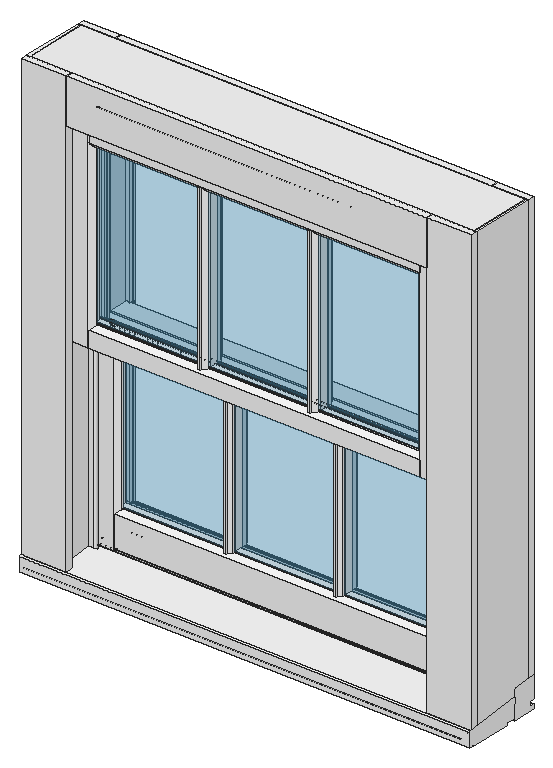
Revit family "B1-33V", category Generic Models, Revit 2012
Parameters (values of type "Window Sill drawing")
  Width = 1003 mm
  Height = 1024 mm
  GlazingPanelMaterial = Glass
  Floor Material = White
Reference planes
  plane 1 "Center (Front/Back)": y = 0
  plane 2: z = 0
  plane 3 "Center (Left/Right)": x = 72
  plane 4: z = 1023.04
  plane 5: x = -800
  plane 6: y = -21.25
  plane 7: y = 152.75
  plane 8: x = -669
  plane 9: y = -21.25
  plane 10: z = 527.56
  plane 11: z = 483.56
  plane 12: z = 923.04
  plane 13: z = 937.04
  plane 14: z = 33
  plane 15: z = 941.04
  plane 16: z = 68
  plane 17: x = 203
  plane 18: x = -419.504
  plane 19: x = -174
  plane 20: z = -98.018
  plane 21: y = 110
  plane 22: y = 110
  plane 23: y = 110
  plane 24: x = 121
  plane 25: y = 110
  plane 26: y = 110
  plane 27: y = 110
Forms (mm)
  Extrusion 1, solid, material "White" <- "Floor Material"
    sketch origin (250, 0, 215.855) x (0, 1, 0) y (0, 0, 1)
      loop
        arc (117, 270.705) -> (122.657, 273.048) -> (125, 278.705) r 8
        line (125, 278.705) -> (128, 278.705) -> (128, 283.705) -> (109, 283.705) -> (109, 271.705) -> (112, 271.705) -> (113, 267.705) -> (117, 267.705) -> (117, 270.705)
      loop
        line (105, 279.705) -> (89, 279.705) -> (89, 269.705) -> (105, 269.705) -> (105, 279.705)
      loop
        line (60, 267.705) -> (60, 292.705) -> (54, 292.705) -> (54, 295.705) -> (12, 295.705) -> (12, 311.705) -> (10, 311.705) -> (0, 301.705) -> (0, 267.705) -> (30.175, 267.705) -> (60, 267.705)
      loop
        line (34, 309.705) -> (18, 309.705) -> (18, 299.705) -> (34, 299.705) -> (34, 309.705)
      loop
        arc (55.357, 295.326) -> (54.357, 294.326) -> (55.357, 293.326) r 1
        line (55.357, 293.326) -> (62.857, 293.326) -> (62.857, 297.295) -> (64.914, 294.483)
        arc (64.914, 294.483) -> (66.227, 294.584) -> (66.328, 295.897) r 1.012
        line (66.328, 295.897) -> (63.343, 299.979)
        arc (63.343, 299.979) -> (61.852, 300.503) -> (60.828, 299.301) r 1.396
        line (60.828, 299.301) -> (60.828, 295.326) -> (55.357, 295.326)
    from -917.922 to -179.078
  Extrusion 2, solid, material "White" <- "Floor Material"
    sketch origin (1015, 13.291, 163.049) x (0, 1, 0) y (0, 0, 1)
      loop
        line (69.709, 336.511) -> (96.209, 336.511) -> (96.209, 364.511) -> (50.709, 364.511) -> (50.709, 359.511) -> (52.709, 349.511) -> (57.709, 349.511) -> (57.709, 339.968) -> (63.93, 339.968) -> (63.93, 336.511) -> (57.709, 336.511) -> (57.709, 320.511) -> (69.709, 320.511) -> (69.709, 336.511)
      loop
        line (53.709, 320.511) -> (53.709, 325.511) -> (51.709, 335.511) -> (46.709, 335.511) -> (46.709, 320.511) -> (53.709, 320.511)
      loop
        line (46.709, 364.511) -> (28.709, 364.511) -> (27.709, 360.511) -> (24.709, 360.511) -> (24.709, 348.511) -> (46.709, 348.511) -> (46.709, 364.511)
      loop
        arc (62.634, 337.436) -> (63.634, 338.436) -> (62.634, 339.436) r 1
        line (62.634, 339.436) -> (55.134, 339.436) -> (55.134, 335.467) -> (53.078, 338.279)
        arc (53.078, 338.279) -> (51.765, 338.177) -> (51.663, 336.864) r 1.012
        line (51.663, 336.864) -> (54.649, 332.782)
        arc (54.649, 332.782) -> (56.139, 332.259) -> (57.164, 333.461) r 1.396
        line (57.164, 333.461) -> (57.164, 337.436) -> (62.634, 337.436)
    from -1684 to -938.078
  Extrusion 3, solid, material "White" <- "Floor Material"
    sketch origin (865, 123.171, 176.773) x (0, 1, 0) y (0, 0, 1)
      loop
        line (-14.171, 306.296) -> (-10.171, 306.787) -> (-11.171, 310.787) -> (-14.171, 310.787) -> (-14.171, 306.296)
      loop
        line (-38.171, 306.542) -> (-38.171, 309.542) -> (-40.171, 309.787) -> (-40.171, 306.787) -> (-38.171, 306.542)
      loop
        line (-85.171, 351.278) -> (-85.171, 346.787) -> (-82.171, 346.787) -> (-81.171, 350.787) -> (-85.171, 351.278)
      loop
        line (-111.171, 347.787) -> (-109.171, 348.033) -> (-109.171, 351.033) -> (-111.171, 350.787) -> (-111.171, 347.787)
    from -1534 to -1284.582
  Extrusion 4, solid, material "Glass" <- "GlazingPanelMaterial"
    sketch origin (150, 64.106, 220.533) x (0, 1, 0) y (0, 0, 1)
      loop
        line (44.88, -103.528) -> (44.88, 279.027) -> (40.88, 279.027) -> (40.88, -103.528) -> (44.88, -103.528)
      loop
        line (24.88, 279.027) -> (20.88, 279.027) -> (20.88, -103.528) -> (24.88, -103.528) -> (24.88, 279.027)
    from -819 to -78
  Extrusion 5, solid, material "White" <- "Floor Material"
    sketch origin (761.418, 125.498, 522.759) x (0, -0.121869, -0.992546) y (0, 0.992546, -0.121869)
      loop
        line (28.327, -57.65) -> (23.969, -54.354)
        arc (23.969, -54.354) -> (22.506, -54.612) -> (22.765, -56.075) r 1.05
        line (22.765, -56.075) -> (26.332, -58.837)
        arc (26.332, -58.837) -> (26.584, -59.776) -> (25.835, -60.396) r 0.9
        line (25.835, -60.396) -> (19.693, -61.15)
        arc (19.693, -61.15) -> (19.162, -61.383) -> (18.989, -61.936) r 0.7
        line (18.989, -61.936) -> (19.197, -63.633) -> (19.712, -64.398) -> (20.1, -67.562) -> (19.196, -66.76) -> (19.293, -67.554) -> (20.152, -68.225) -> (20.951, -68.183) -> (23.094, -67.324) -> (22.996, -66.53) -> (20.532, -66.978) -> (20.205, -64.315)
        arc (20.205, -64.315) -> (20.389, -63.651) -> (20.989, -63.312) r 0.9
        line (20.989, -63.312) -> (28.761, -62.358)
        arc (28.761, -62.358) -> (29.205, -62.1) -> (29.324, -61.601) r 0.65
        line (29.324, -61.601) -> (28.752, -58.33)
        arc (28.752, -58.33) -> (28.631, -57.932) -> (28.327, -57.65) r 0.798
    from -1430.418 to -1181
  Extrusion 6, solid, material "White" <- "Floor Material"
    sketch origin (911.418, 126.532, 523.994) x (0, -0.121869, -0.992546) y (0, 0.992546, -0.121869)
      loop
        arc (25.38, -55.148) -> (23.778, -55.428) -> (24.057, -57.03) r 1.15
        line (24.057, -57.03) -> (27.62, -59.789)
        arc (27.62, -59.789) -> (27.84, -60.623) -> (27.175, -61.172) r 0.8
        line (27.175, -61.172) -> (20.939, -61.931)
        arc (20.939, -61.931) -> (20.405, -62.232) -> (20.241, -62.823) r 0.8
        line (20.241, -62.823) -> (20.45, -64.52) -> (20.968, -65.312) -> (21.339, -68.337) -> (20.548, -67.635) -> (20.645, -68.429) -> (21.504, -69.1) -> (22.303, -69.058) -> (24.446, -68.2) -> (24.348, -67.406) -> (21.983, -67.835) -> (21.657, -65.178)
        arc (21.657, -65.178) -> (21.82, -64.588) -> (22.353, -64.287) r 0.8
        line (22.353, -64.287) -> (30.127, -63.332)
        arc (30.127, -63.332) -> (30.638, -63.034) -> (30.774, -62.459) r 0.75
        line (30.774, -62.459) -> (30.244, -59.424)
        arc (30.244, -59.424) -> (30.154, -58.918) -> (29.833, -58.516) r 1.042
        line (29.833, -58.516) -> (25.38, -55.148)
    from -1580.418 to -1331
  Extrusion 7, solid, material "White" <- "Floor Material"
    sketch origin (861.418, 121.497, 535.638) x (0, -0.121869, -0.992546) y (0, 0.992546, -0.121869)
      loop
        line (37.899, -55.316) -> (32.161, -55.997)
        arc (32.161, -55.997) -> (31.827, -56.184) -> (31.724, -56.554) r 0.5
        line (31.724, -56.554) -> (32.395, -62.021) -> (31.491, -61.219) -> (31.588, -62.013) -> (32.447, -62.684) -> (33.246, -62.642) -> (35.389, -61.784) -> (35.291, -60.989) -> (32.827, -61.437) -> (32.285, -57.019)
        arc (32.285, -57.019) -> (32.428, -56.659) -> (32.772, -56.479) r 0.558
        line (32.772, -56.479) -> (37.96, -55.818)
        arc (37.96, -55.818) -> (38.179, -55.536) -> (37.899, -55.316) r 0.253
    from -1530.418 to -1281
  Extrusion 8, solid, material "White" <- "Floor Material"
    sketch origin (-78.582, 5.502, 488.643) x (0, 0.121869, 0.992546) y (0, -0.992546, 0.121869)
      loop
        line (28.327, -57.65) -> (23.969, -54.354)
        arc (23.969, -54.354) -> (22.506, -54.612) -> (22.765, -56.075) r 1.05
        line (22.765, -56.075) -> (26.332, -58.837)
        arc (26.332, -58.837) -> (26.584, -59.776) -> (25.835, -60.396) r 0.9
        line (25.835, -60.396) -> (19.693, -61.15)
        arc (19.693, -61.15) -> (19.162, -61.383) -> (18.989, -61.936) r 0.7
        line (18.989, -61.936) -> (19.197, -63.633) -> (19.712, -64.398) -> (20.1, -67.562) -> (19.196, -66.76) -> (19.293, -67.554) -> (20.152, -68.225) -> (20.951, -68.183) -> (23.094, -67.324) -> (22.996, -66.53) -> (20.532, -66.978) -> (20.205, -64.315)
        arc (20.205, -64.315) -> (20.389, -63.651) -> (20.989, -63.312) r 0.9
        line (20.989, -63.312) -> (28.761, -62.358)
        arc (28.761, -62.358) -> (29.205, -62.1) -> (29.324, -61.601) r 0.65
        line (29.324, -61.601) -> (28.752, -58.33)
        arc (28.752, -58.33) -> (28.631, -57.932) -> (28.327, -57.65) r 0.798
    from -590.418 to 155.504
  Extrusion 9, solid, material "White" <- "Floor Material"
    sketch origin (736.418, 9.503, 475.765) x (0, 0.121869, 0.992546) y (0, -0.992546, 0.121869)
      loop
        line (37.899, -55.316) -> (32.161, -55.997)
        arc (32.161, -55.997) -> (31.827, -56.184) -> (31.724, -56.554) r 0.5
        line (31.724, -56.554) -> (32.395, -62.021) -> (31.491, -61.219) -> (31.588, -62.013) -> (32.447, -62.684) -> (33.246, -62.642) -> (35.389, -61.784) -> (35.291, -60.989) -> (32.827, -61.437) -> (32.285, -57.019)
        arc (32.285, -57.019) -> (32.428, -56.659) -> (32.772, -56.479) r 0.558
        line (32.772, -56.479) -> (37.96, -55.818)
        arc (37.96, -55.818) -> (38.179, -55.536) -> (37.899, -55.316) r 0.253
    from -1405.418 to -659.496
  Extrusion 10, solid, material "White" <- "Floor Material"
    sketch origin (815, 0, 215.855) x (0, 1, 0) y (0, 0, 1)
      loop
        line (38, 299.705) -> (12, 299.705) -> (12, 295.705) -> (38, 295.705) -> (38, 299.705)
      loop
        line (109, 283.705) -> (83, 283.705) -> (83, 279.705) -> (109, 279.705) -> (109, 283.705)
    from -1484 to -1234.582
  Extrusion 11, solid, not visible
    sketch origin (0, 0, 9.375) x (0, 1, 0) y (0, 0, 1)
      loop
        line (94.662, 311.911) -> (94.314, 312.868) -> (95.314, 312.868) -> (93.454, 317.977) -> (86.115, 317.977) -> (85.011, 317.575) -> (64.143, 317.575) -> (64.143, 311.911) -> (94.662, 311.911)
    from 0 to 250
  Extrusion 12, solid, not visible
    sketch origin (0, 0, 9.375) x (0, 1, 0) y (0, 0, 1)
      loop
        line (93.688, 317.334) -> (85.92, 317.334) -> (87.101, 312.926) -> (95.293, 312.926) -> (93.688, 317.334)
      loop
        line (91.853, 322.376) -> (91.853, 328.194)
        arc (91.853, 328.194) -> (91.424, 329.231) -> (90.388, 329.66) r 1.465
        line (90.388, 329.66) -> (71.853, 329.66) -> (71.853, 322.376) -> (91.853, 322.376)
      loop
        line (73.373, 320.598) -> (64.143, 320.598) -> (64.143, 317.575) -> (73.373, 317.575) -> (73.373, 320.598)
      loop
        line (61.169, 311.884) -> (61.169, 316.884) -> (56.169, 316.884)
        arc (56.169, 316.884) -> (53.926, 317.813) -> (52.996, 320.057) r 3.173
        line (52.996, 320.057) -> (52.996, 327.594)
        arc (52.996, 327.594) -> (53.247, 329.284) -> (54.656, 330.25) r 2.138
        line (54.656, 330.25) -> (56.493, 330.25)
        arc (56.493, 330.25) -> (57.939, 329.727) -> (58.925, 328.548) r 2.95
        line (58.925, 328.548) -> (59.306, 324.922) -> (61.24, 324.922) -> (60.612, 330.901)
        arc (60.612, 330.901) -> (59.723, 332.646) -> (57.894, 333.348) r 2.733
        line (57.894, 333.348) -> (52.423, 333.348)
        arc (52.423, 333.348) -> (50.164, 330.795) -> (49.999, 327.391) r 5.139
        line (49.999, 327.391) -> (47.957, 316.884)
        arc (47.957, 316.884) -> (49.179, 314.507) -> (49.698, 311.884) r 9.583
        line (49.698, 311.884) -> (61.169, 311.884)
    from 0 to 250
  Extrusion 13, solid, material "White" <- "Floor Material"
    sketch origin (72, -21.25, 628.291) x (0, 1, 0) y (0, 0, 1)
      loop
        arc (81.5, 305.749) -> (80.621, 307.871) -> (78.5, 308.749) r 3
        line (78.5, 308.749) -> (73.5, 308.749) -> (73.5, 302.749) -> (70.5, 302.749) -> (70.5, 308.749) -> (24.5, 308.749)
        arc (24.5, 308.749) -> (22.379, 307.871) -> (21.5, 305.749) r 3
        line (21.5, 305.749) -> (21.5, 262.749) -> (31.5, 252.749) -> (33.5, 252.749) -> (33.5, 268.749) -> (81.5, 268.749) -> (81.5, 305.749)
    from -741 to -1.079
  Extrusion 14, solid, material "White" <- "Floor Material"
    sketch origin (50, -21.25, 639.228) x (0, 1, 0) y (0, 0, 1)
      loop
        line (78.5, 268.749) -> (59.5, 268.749) -> (59.5, 256.749) -> (62.5, 256.749) -> (63.5, 252.749) -> (67.5, 252.749) -> (67.5, 255.749)
        arc (67.5, 255.749) -> (73.157, 258.092) -> (75.5, 263.749) r 8
        line (75.5, 263.749) -> (78.5, 263.749) -> (78.5, 268.749)
      loop
        line (67.534, 317.378) -> (63.288, 313.116) -> (63.101, 309.432)
        arc (63.101, 309.432) -> (63.279, 308.951) -> (63.75, 308.749) r 0.65
        line (63.75, 308.749) -> (71.582, 308.749)
        arc (71.582, 308.749) -> (72.219, 308.486) -> (72.482, 307.849) r 0.9
        line (72.482, 307.849) -> (72.482, 305.266) -> (69.639, 305.266) -> (69.639, 304.437) -> (70.5, 304.437) -> (72.582, 304.032) -> (73.5, 304.437) -> (73.5, 308.749) -> (73.4, 310.459)
        arc (73.4, 310.459) -> (73.16, 310.987) -> (72.605, 311.153) r 0.7
        line (72.605, 311.153) -> (66.417, 311.153)
        arc (66.417, 311.153) -> (65.695, 311.514) -> (65.553, 312.309) r 0.9
        line (65.553, 312.309) -> (68.938, 315.817)
        arc (68.938, 315.817) -> (69.016, 317.299) -> (67.534, 317.378) r 1.05
    from -719 to 22
  Extrusion 15, solid, material "White" <- "Floor Material"
    sketch origin (50, -21.25, 628.291) x (0, 1, 0) y (0, 0, 1)
      loop
        line (154, 344.749) -> (154, 388.749) -> (20, 388.749) -> (20, 344.749) -> (154, 344.749)
    from -749.921 to 70.938
  Extrusion 16, solid, material "Glass" <- "GlazingPanelMaterial"
    sketch origin (0, -6.957, 754.533) x (0, 1, 0) y (0, 0, 1)
      loop
        line (45.207, -226.973) -> (45.207, 138.507) -> (41.207, 138.507) -> (41.207, -226.973) -> (45.207, -226.973)
      loop
        line (24.957, 138.507) -> (20.957, 138.507) -> (20.957, -226.973) -> (24.957, -226.973) -> (24.957, 138.507)
    from -669 to 76.922
  Extrusion 17, solid, material "White" <- "Floor Material"
    sketch origin (-72.332, 95.318, 1060.525) x (0, 1, 0) y (0, 0, 1)
      loop
        line (-97.368, -115.408) -> (-98.782, -115.408) -> (-98.782, -120.691) -> (-97.368, -120.691) -> (-97.368, -119.602) -> (-97.368, -116.493) -> (-97.368, -115.408)
    from -596.668 to -347.25
  Extrusion 18, solid, material "White" <- "Floor Material"
    sketch origin (50, -21.25, 639.228) x (0, 1, 0) y (0, 0, 1)
      loop
        line (17, 304.499) -> (13, 304.499) -> (13, 301.999) -> (17, 301.999) -> (17, 299.749) -> (20, 299.749) -> (20, 301.694) -> (19.2, 301.694) -> (19.2, 300.606) -> (17.786, 300.606) -> (17.786, 305.893) -> (19.2, 305.893) -> (19.2, 304.804) -> (20, 304.804) -> (20, 306.749) -> (17, 306.749) -> (17, 304.499)
    from -719 to 19
  Extrusion 19, solid, material "White" <- "Floor Material"
    sketch origin (50, -21.25, 639.228) x (0, 1, 0) y (0, 0, 1)
      loop
        line (23.862, 300.393) -> (23.862, 306.074)
        spline (23.862, 306.074) -> (23.6, 305.683) -> (23.284, 305.425) -> (22.922, 305.27) -> (22.524, 305.189) -> (22.101, 305.153) -> (21.66, 305.133) -> (21.213, 305.1) -> (20.767, 305.024) -> (20.334, 304.876) -> (19.922, 304.627) -> (19.541, 304.248) -> (19.2, 303.71)
        line (19.2, 303.71) -> (19.2, 302.476)
        spline (19.2, 302.476) -> (19.558, 301.967) -> (19.948, 301.615) -> (20.362, 301.392) -> (20.792, 301.269) -> (21.23, 301.216) -> (21.669, 301.205) -> (22.099, 301.206) -> (22.515, 301.191) -> (22.906, 301.132) -> (23.267, 300.998) -> (23.588, 300.761) -> (23.862, 300.393)
    from -719 to -224
  Extrusion 20, solid, material "White" <- "Floor Material"
    sketch origin (-22.332, 36.182, 1060.525) x (0, -1, 0) y (0, 0, -1)
      loop
        line (-97.368, 115.408) -> (-97.368, 116.493) -> (-97.368, 119.602) -> (-97.368, 120.691) -> (-98.782, 120.691) -> (-98.782, 115.408) -> (-97.368, 115.408)
    from -646.668 to -397.25
  Extrusion 21, solid, material "White" <- "Floor Material"
    sketch origin (25, 152.75, 639.228) x (0, -1, 0) y (0, 0, -1)
      loop
        spline (23.862, -300.393) -> (23.588, -300.761) -> (23.267, -300.998) -> (22.906, -301.132) -> (22.515, -301.191) -> (22.099, -301.206) -> (21.669, -301.205) -> (21.23, -301.216) -> (20.792, -301.269) -> (20.362, -301.392) -> (19.948, -301.615) -> (19.558, -301.967) -> (19.2, -302.476)
        line (19.2, -302.476) -> (19.2, -303.71)
        spline (19.2, -303.71) -> (19.541, -304.248) -> (19.922, -304.627) -> (20.334, -304.876) -> (20.767, -305.024) -> (21.213, -305.1) -> (21.66, -305.133) -> (22.101, -305.153) -> (22.524, -305.189) -> (22.922, -305.27) -> (23.284, -305.425) -> (23.6, -305.683) -> (23.862, -306.074)
        line (23.862, -306.074) -> (23.862, -300.393)
    from -694 to -444.582
  Extrusion 22, solid, material "White" <- "Floor Material"
    sketch origin (50, 234.566, 755.449) x (0, 1, 0) y (0, 0, 1)
      loop
        line (-222.316, 137.529) -> (-220.566, 137.744) -> (-220.566, 140.529) -> (-222.316, 140.529) -> (-222.316, 137.529)
      loop
        line (-193.316, 140.529) -> (-196.316, 140.529) -> (-196.316, 136.529) -> (-192.316, 136.529) -> (-193.316, 140.529)
    from -719 to -469.582
  Extrusion 23, solid, material "White" <- "Floor Material"
    sketch origin (50, -21.25, 628.291) x (0, 1, 0) y (0, 0, 1)
      loop
        line (174, 312.749) -> (174, 388.749) -> (20, 388.749) -> (20, 329.749) -> (15, 329.749) -> (15, 321.749) -> (20, 321.749) -> (20, 312.749) -> (83, 312.749) -> (83, 319.749) -> (91, 319.749) -> (91, 312.749) -> (174, 312.749)
    from -767.938 to 70.938
  Extrusion 24, solid, material "White" <- "Floor Material"
    sketch origin (-172.332, 69.685, -12.907) x (0, -1, 0) y (0, 0, -1)
      loop
        line (-28.815, -17.907) -> (-28.815, -45.907) -> (-33.815, -45.907) -> (-33.815, -60.907) -> (-28.815, -60.907) -> (92.551, -46.005)
        arc (92.551, -46.005) -> (94.432, -45.015) -> (95.185, -43.027) r 3
        line (95.185, -43.027) -> (95.185, -12.907) -> (90.185, -12.907) -> (90.185, -14.907)
        arc (90.185, -14.907) -> (87.185, -17.907) -> (84.185, -14.907) r 3
        line (84.185, -14.907) -> (84.185, -12.907) -> (-8.815, -12.907) -> (-8.815, -17.907) -> (-28.815, -17.907)
    from -627.668 to 375.332
  Extrusion 25, solid, material "White" <- "Floor Material"
    sketch origin (-172.332, 69.685, 0) x (0, -1, 0) y (0, 0, -1)
      loop
        line (-82.815, 0) -> (-82.815, -10) -> (-72.815, -10) -> (-72.815, -20) -> (-82.815, -20) -> (-82.815, -68) -> (-62.815, -68) -> (-28.815, -63.825) -> (-28.815, -58.913)
        arc (-28.815, -58.913) -> (-31.815, -55.913) -> (-28.815, -52.913) r 3
        line (-28.815, -52.913) -> (-28.815, -48) -> (-33.815, -48) -> (-33.815, -33) -> (-28.815, -33) -> (-28.815, 0) -> (-82.815, 0)
    from -627.668 to 375.332
  Extrusion 26, solid, material "White" <- "Floor Material"
    sketch origin (-172.332, 75.723, -26.266) x (0, -1, 0) y (0, 0, -1)
      loop
        line (-6.277, -76.621) -> (-17.277, -77.972) -> (-17.277, -99.936) -> (-21.277, -99.936) -> (-21.277, -139.271) -> (-7.277, -139.271) -> (-7.277, -155.271) -> (-5.277, -155.271) -> (4.723, -145.271) -> (4.723, -77.246)
        arc (4.723, -77.246) -> (3.711, -74.999) -> (1.357, -74.268) r 3
        line (1.357, -74.268) -> (-3.277, -74.837) -> (-3.277, -82.253) -> (-6.277, -82.253) -> (-6.277, -76.621)
      loop
        line (-55.277, -139.271) -> (-29.277, -139.271) -> (-29.277, -99.936) -> (-33.277, -99.936) -> (-33.277, -94.936) -> (-44.277, -96.287) -> (-44.277, -102.287) -> (-47.277, -102.287) -> (-47.277, -96.655) -> (-52.643, -97.314)
        arc (-52.643, -97.314) -> (-54.524, -98.304) -> (-55.277, -100.292) r 3
        line (-55.277, -100.292) -> (-55.277, -139.271)
    from -495.589 to 243.254
  Extrusion 27, solid, material "White" <- "Floor Material"
    sketch origin (-172.332, 36.806, -33.552) x (0, -1, 0) y (0, 0, -1)
      loop
        line (-97.22, -108.207) -> (-97.22, -106.552) -> (-98.72, -106.552) -> (-98.72, -111.552) -> (-97.22, -111.552) -> (-97.22, -109.898)
        spline (-97.22, -109.898) -> (-96.846, -110.536) -> (-96.419, -110.991) -> (-95.951, -111.297) -> (-95.454, -111.486) -> (-94.941, -111.593) -> (-94.423, -111.65) -> (-93.912, -111.691) -> (-93.422, -111.75) -> (-92.964, -111.859) -> (-92.55, -112.054) -> (-92.193, -112.366) -> (-91.905, -112.83)
        line (-91.905, -112.83) -> (-91.905, -105.274)
        spline (-91.905, -105.274) -> (-92.193, -105.738) -> (-92.55, -106.051) -> (-92.964, -106.245) -> (-93.422, -106.355) -> (-93.912, -106.414) -> (-94.423, -106.455) -> (-94.941, -106.512) -> (-95.454, -106.619) -> (-95.951, -106.808) -> (-96.419, -107.113) -> (-96.846, -107.569) -> (-97.22, -108.207)
    from -496.668 to 244.332
  Extrusion 28, solid, material "White" <- "Floor Material"
    sketch origin (-172.332, 73.367, -7.569) x (0, -1, 0) y (0, 0, -1)
      loop
        line (-54.633, -125.574) -> (-51.633, -125.574)
        arc (-51.633, -125.574) -> (-49.289, -131.23) -> (-43.633, -133.574) r 8
        line (-43.633, -133.574) -> (-43.633, -136.574) -> (-39.633, -136.574) -> (-38.633, -132.574) -> (-35.633, -132.574) -> (-35.633, -120.574) -> (-54.633, -120.574) -> (-54.633, -125.574)
    from -496.668 to 244.332
  Extrusion 29, solid, material "White" <- "Floor Material"
    sketch origin (-172.332, 69.685, 0) x (0, -1, 0) y (0, 0, -1)
      loop
        line (-39.315, -113.004) -> (-39.315, -117.004) -> (-15.315, -117.004) -> (-15.315, -126.25) -> (-13.315, -126.004) -> (-13.315, -113.004) -> (-39.315, -113.004)
    from -496.668 to 244.332
  Extrusion 30, solid, material "White" <- "Floor Material"
    sketch origin (-153.582, 101.098, -13.29) x (0, -1, 0) y (0, 0, -1)
      loop
        line (28.327, -57.65) -> (23.969, -54.354)
        arc (23.969, -54.354) -> (22.506, -54.612) -> (22.765, -56.075) r 1.05
        line (22.765, -56.075) -> (26.332, -58.837)
        arc (26.332, -58.837) -> (26.584, -59.776) -> (25.835, -60.396) r 0.9
        line (25.835, -60.396) -> (19.693, -61.15)
        arc (19.693, -61.15) -> (19.162, -61.383) -> (18.989, -61.936) r 0.7
        line (18.989, -61.936) -> (19.197, -63.633) -> (19.712, -64.398) -> (20.1, -67.562) -> (19.196, -66.76) -> (19.293, -67.554) -> (20.152, -68.225) -> (20.951, -68.183) -> (23.094, -67.324) -> (22.996, -66.53) -> (20.532, -66.978) -> (20.205, -64.315)
        arc (20.205, -64.315) -> (20.389, -63.651) -> (20.989, -63.312) r 0.9
        line (20.989, -63.312) -> (28.761, -62.358)
        arc (28.761, -62.358) -> (29.205, -62.1) -> (29.324, -61.601) r 0.65
        line (29.324, -61.601) -> (28.752, -58.33)
        arc (28.752, -58.33) -> (28.631, -57.932) -> (28.327, -57.65) r 0.798
    from -551.339 to 225.582
  Extrusion 31, solid, material "White" <- "Floor Material"
    sketch origin (-153.582, 113.393, -7.749) x (0, -1, 0) y (0, 0, -1)
      loop
        line (37.899, -55.316) -> (32.161, -55.997)
        arc (32.161, -55.997) -> (31.827, -56.184) -> (31.724, -56.554) r 0.5
        line (31.724, -56.554) -> (32.395, -62.021) -> (31.491, -61.219) -> (31.588, -62.013) -> (32.447, -62.684) -> (33.246, -62.642) -> (35.389, -61.784) -> (35.291, -60.989) -> (32.827, -61.437) -> (32.285, -57.019)
        arc (32.285, -57.019) -> (32.428, -56.659) -> (32.772, -56.479) r 0.558
        line (32.772, -56.479) -> (37.96, -55.818)
        arc (37.96, -55.818) -> (38.179, -55.536) -> (37.899, -55.316) r 0.253
    from -515.418 to 225.582
  Extrusion 32, solid, material "White" <- "Floor Material"
    sketch origin (-172.332, 69.685, 0) x (0, -1, 0) y (0, 0, -1)
      loop
        line (-35.315, -127.004) -> (-19.315, -127.004) -> (-19.315, -117.004) -> (-35.315, -117.004) -> (-35.315, -127.004)
    from -496.668 to 244.332
  Extrusion 33, solid, material "White" <- "Floor Material"
    sketch origin (-153.582, 142.098, 6.744) x (0, -1, 0) y (0, 0, -1)
      loop
        line (28.327, -57.65) -> (23.969, -54.354)
        arc (23.969, -54.354) -> (22.506, -54.612) -> (22.765, -56.075) r 1.05
        line (22.765, -56.075) -> (26.332, -58.837)
        arc (26.332, -58.837) -> (26.584, -59.776) -> (25.835, -60.396) r 0.9
        line (25.835, -60.396) -> (19.693, -61.15)
        arc (19.693, -61.15) -> (19.162, -61.383) -> (18.989, -61.936) r 0.7
        line (18.989, -61.936) -> (19.197, -63.633) -> (19.712, -64.398) -> (20.1, -67.562) -> (19.196, -66.76) -> (19.293, -67.554) -> (20.152, -68.225) -> (20.951, -68.183) -> (23.094, -67.324) -> (22.996, -66.53) -> (20.532, -66.978) -> (20.205, -64.315)
        arc (20.205, -64.315) -> (20.389, -63.651) -> (20.989, -63.312) r 0.9
        line (20.989, -63.312) -> (28.761, -62.358)
        arc (28.761, -62.358) -> (29.205, -62.1) -> (29.324, -61.601) r 0.65
        line (29.324, -61.601) -> (28.752, -58.33)
        arc (28.752, -58.33) -> (28.631, -57.932) -> (28.327, -57.65) r 0.798
    from -515.418 to 225.582
  Extrusion 34, solid, material "White" <- "Floor Material"
    sketch origin (-153.582, 143.45, 5.869) x (0, -1, 0) y (0, 0, -1)
      loop
        arc (25.38, -55.148) -> (23.778, -55.428) -> (24.057, -57.03) r 1.15
        line (24.057, -57.03) -> (27.62, -59.789)
        arc (27.62, -59.789) -> (27.84, -60.623) -> (27.175, -61.172) r 0.8
        line (27.175, -61.172) -> (20.939, -61.931)
        arc (20.939, -61.931) -> (20.405, -62.232) -> (20.241, -62.823) r 0.8
        line (20.241, -62.823) -> (20.45, -64.52) -> (20.968, -65.312) -> (21.339, -68.337) -> (20.548, -67.635) -> (20.645, -68.429) -> (21.504, -69.1) -> (22.303, -69.058) -> (24.446, -68.2) -> (24.348, -67.406) -> (21.983, -67.835) -> (21.657, -65.178)
        arc (21.657, -65.178) -> (21.82, -64.588) -> (22.353, -64.287) r 0.8
        line (22.353, -64.287) -> (30.127, -63.332)
        arc (30.127, -63.332) -> (30.638, -63.034) -> (30.774, -62.459) r 0.75
        line (30.774, -62.459) -> (30.244, -59.424)
        arc (30.244, -59.424) -> (30.154, -58.918) -> (29.833, -58.516) r 1.042
        line (29.833, -58.516) -> (25.38, -55.148)
    from -515.418 to 225.582
  Extrusion 35, solid, material "White" <- "Floor Material"
    sketch origin (-153.582, 154.393, 12.285) x (0, -1, 0) y (0, 0, -1)
      loop
        line (37.899, -55.316) -> (32.161, -55.997)
        arc (32.161, -55.997) -> (31.827, -56.184) -> (31.724, -56.554) r 0.5
        line (31.724, -56.554) -> (32.395, -62.021) -> (31.491, -61.219) -> (31.588, -62.013) -> (32.447, -62.684) -> (33.246, -62.642) -> (35.389, -61.784) -> (35.291, -60.989) -> (32.827, -61.437) -> (32.285, -57.019)
        arc (32.285, -57.019) -> (32.428, -56.659) -> (32.772, -56.479) r 0.558
        line (32.772, -56.479) -> (37.96, -55.818)
        arc (37.96, -55.818) -> (38.179, -55.536) -> (37.899, -55.316) r 0.253
    from -515.418 to 225.582
  Extrusion 36, solid, material "White" <- "Floor Material"
    sketch origin (-172.332, 69.685, 0) x (0, -1, 0) y (0, 0, -1)
      loop
        line (-39.315, -129.495) -> (-39.315, -125.004) -> (-42.315, -125.004) -> (-43.315, -129.004) -> (-39.315, -129.495)
      loop
        line (-15.315, -129.25) -> (-13.315, -129.004) -> (-13.315, -126.004) -> (-15.315, -126.25) -> (-15.315, -129.25)
    from -496.668 to 244.332
  Extrusion 37, solid, material "White" <- "Floor Material"
    sketch origin (-511.418, -643.153, 0) x (1, 0, 0) y (0, 1, 0)
      loop
        line (-280.004, 695.902) -> (-280.004, 650.902) -> (-235.004, 650.902) -> (-235.004, 695.902) -> (-280.004, 695.902)
      loop
        circle (-257.504, 673.402) r 3.5
      loop
        circle (-257.504, 744.402) r 3.5
      loop
        line (-235.004, 766.902) -> (-280.004, 766.902) -> (-280.004, 721.902) -> (-235.004, 721.902) -> (-235.004, 766.902)
      loop
        line (-281.504, 707.402) -> (-233.504, 707.402) -> (-233.504, 710.402) -> (-281.504, 710.402) -> (-281.504, 707.402)
      loop
        line (-206.504, 712.902) -> (-213.504, 712.902) -> (-213.504, 704.902) -> (-192.504, 704.902)
        arc (-192.504, 704.902) -> (-188.504, 708.902) -> (-192.504, 712.902) r 4
        line (-192.504, 712.902) -> (-206.504, 712.902)
    from 33 to 923.04
  Extrusion 38, solid, material "White" <- "Floor Material"
    sketch origin (-511.434, -643.965, 0) x (1, 0, 0) y (0, 1, 0)
      loop
        line (-209.504, 752.402) -> (-254.504, 752.402) -> (-254.504, 736.402) -> (-209.504, 736.402) -> (-209.504, 729.902) -> (-206.504, 729.902) -> (-206.504, 758.902) -> (-209.504, 758.902) -> (-209.504, 752.402)
      loop
        line (-254.504, 681.402) -> (-254.504, 665.402) -> (-209.504, 665.402) -> (-209.504, 658.902) -> (-206.504, 658.902) -> (-206.504, 687.902) -> (-209.504, 687.902) -> (-209.504, 681.402) -> (-254.504, 681.402)
    from 33 to 923.04
  Extrusion 39, solid, material "White" <- "Floor Material"
    sketch origin (-511.418, -571.902, -672) x (1, 0, 0) y (0, 1, 0)
      loop
        line (-156.504, 643.402) -> (-146.504, 653.402) -> (-146.504, 655.402) -> (-162.504, 655.402) -> (-162.504, 703.402) -> (-199.504, 703.402)
        arc (-199.504, 703.402) -> (-201.625, 702.524) -> (-202.504, 700.402) r 3
        line (-202.504, 700.402) -> (-202.504, 679.402) -> (-196.504, 679.402) -> (-196.504, 667.402) -> (-202.504, 667.402) -> (-202.504, 654.402) -> (-196.504, 654.402) -> (-196.504, 651.402) -> (-202.504, 651.402) -> (-202.504, 646.402)
        arc (-202.504, 646.402) -> (-201.625, 644.281) -> (-199.504, 643.402) r 3
        line (-199.504, 643.402) -> (-156.504, 643.402)
    from 717.039 to 1171.56
  Extrusion 40, solid, material "White" <- "Floor Material"
    sketch origin (-511.418, -571.902, -672) x (1, 0, 0) y (0, 1, 0)
      loop
        line (-162.504, 700.402) -> (-162.504, 681.402) -> (-150.504, 681.402) -> (-150.504, 684.402) -> (-146.504, 685.402) -> (-146.504, 689.402) -> (-149.504, 689.402)
        arc (-149.504, 689.402) -> (-151.847, 695.059) -> (-157.504, 697.402) r 8
        line (-157.504, 697.402) -> (-157.504, 700.402) -> (-162.504, 700.402)
    from 705 to 1199.56
  Extrusion 41, solid, not visible
    sketch origin (-848.022, -244.537, 0) x (1, 0, 0) y (0, 1, 0)
      loop
        line (-156.504, 643.402) -> (-146.504, 653.402) -> (-146.504, 655.402) -> (-162.504, 655.402) -> (-162.504, 703.402) -> (-199.504, 703.402)
        arc (-199.504, 703.402) -> (-201.625, 702.524) -> (-202.504, 700.402) r 3
        line (-202.504, 700.402) -> (-202.504, 695.402) -> (-196.504, 695.402) -> (-196.504, 692.402) -> (-202.504, 692.402) -> (-202.504, 679.402) -> (-196.504, 679.402) -> (-196.504, 667.402) -> (-202.504, 667.402) -> (-202.504, 646.402)
        arc (-202.504, 646.402) -> (-201.625, 644.281) -> (-199.504, 643.402) r 3
        line (-199.504, 643.402) -> (-156.504, 643.402)
    from 672 to 1294
  Extrusion 42, solid, not visible
    sketch origin (-848.022, -244.537, 0) x (1, 0, 0) y (0, 1, 0)
      loop
        line (-162.504, 700.402) -> (-162.504, 681.402) -> (-150.504, 681.402) -> (-150.504, 684.402) -> (-146.504, 685.402) -> (-146.504, 689.402) -> (-149.504, 689.402)
        arc (-149.504, 689.402) -> (-151.847, 695.059) -> (-157.504, 697.402) r 8
        line (-157.504, 697.402) -> (-157.504, 700.402) -> (-162.504, 700.402)
    from 672 to 1294
  Extrusion 43, solid, material "White" <- "Floor Material"
    sketch origin (-511.418, -714.403, -40) x (1, 0, 0) y (0, 1, 0)
      loop
        arc (-199.504, 774.402) -> (-201.625, 773.524) -> (-202.504, 771.402) r 3
        line (-202.504, 771.402) -> (-202.504, 766.402) -> (-196.504, 766.402) -> (-196.504, 763.402) -> (-202.504, 763.402) -> (-202.504, 750.402) -> (-196.504, 750.402) -> (-196.504, 738.402) -> (-202.504, 738.402) -> (-202.504, 717.402)
        arc (-202.504, 717.402) -> (-201.625, 715.281) -> (-199.504, 714.402) r 3
        line (-199.504, 714.402) -> (-156.504, 714.402) -> (-146.504, 724.402) -> (-146.504, 726.402) -> (-162.504, 726.402) -> (-162.504, 774.402) -> (-199.504, 774.402)
    from 523.56 to 977.04
  Extrusion 44, solid, material "White" <- "Floor Material"
    sketch origin (-511.418, -714.403, -85) x (1, 0, 0) y (0, 1, 0)
      loop
        line (-157.504, 771.402) -> (-162.504, 771.402) -> (-162.504, 752.402) -> (-150.504, 752.402) -> (-150.504, 755.402) -> (-146.504, 756.402) -> (-146.504, 760.402) -> (-149.504, 760.402)
        arc (-149.504, 760.402) -> (-151.847, 766.059) -> (-157.504, 768.402) r 8
        line (-157.504, 768.402) -> (-157.504, 771.402)
    from 568.56 to 1022.04
  Extrusion 45, solid, material "White" <- "Floor Material"
    sketch origin (-511.418, 774.897, -660) x (1, 0, 0) y (0, 1, 0)
      loop
        arc (-204.331, -687.749) -> (-207.239, -689.467) -> (-208.592, -692.561) r 5.492
        arc (-208.592, -692.561) -> (-208.577, -693.238) -> (-207.9, -693.253) r 0.49
        line (-207.9, -693.253) -> (-207.702, -692.118)
        arc (-207.702, -692.118) -> (-206.44, -689.941) -> (-204.202, -688.789) r 4.477
        arc (-204.202, -688.789) -> (-203.814, -688.735) -> (-203.578, -688.421) r 0.511
        line (-203.578, -688.421) -> (-203.578, -686.619)
        arc (-203.578, -686.619) -> (-203.274, -687.204) -> (-203.257, -687.863) r 1.462
        line (-203.257, -687.863) -> (-203.257, -695.734)
        arc (-203.257, -695.734) -> (-202.89, -696.174) -> (-202.523, -695.734) r 0.373
        line (-202.523, -695.734) -> (-202.523, -693.221) -> (-200.345, -693.221) -> (-201.733, -694.086) -> (-199.555, -694.086) -> (-198.017, -693.779) -> (-198.017, -692.744)
        arc (-198.017, -692.744) -> (-198.357, -692.518) -> (-198.75, -692.402) r 1.365
        line (-198.75, -692.402) -> (-202.504, -692.402) -> (-202.504, -686.348)
        arc (-202.504, -686.348) -> (-203.437, -685.545) -> (-204.331, -686.391) r 0.919
        line (-204.331, -686.391) -> (-204.331, -687.749)
    from 660 to 1282
  Extrusion 46, solid, material "White" <- "Floor Material"
    sketch origin (-511.418, 774.402, -60) x (1, 0, 0) y (0, 1, 0)
      loop
        line (-204.331, -730.055) -> (-204.331, -731.414)
        arc (-204.331, -731.414) -> (-203.437, -732.26) -> (-202.504, -731.457) r 0.919
        line (-202.504, -731.457) -> (-202.504, -725.402) -> (-198.44, -725.402)
        arc (-198.44, -725.402) -> (-197.968, -724.672) -> (-198.44, -723.941) r 0.802
        line (-198.44, -723.941) -> (-199.555, -723.719) -> (-201.729, -723.719) -> (-201.113, -724.274) -> (-200.345, -724.584) -> (-202.523, -724.584) -> (-202.523, -722.012)
        arc (-202.523, -722.012) -> (-202.923, -721.612) -> (-203.323, -722.012) r 0.4
        line (-203.323, -722.012) -> (-203.323, -731.425) -> (-203.578, -730.607) -> (-203.578, -729.384)
        arc (-203.578, -729.384) -> (-203.814, -729.07) -> (-204.202, -729.016) r 0.511
        arc (-204.202, -729.016) -> (-206.634, -727.667) -> (-207.8, -725.142) r 4.477
        arc (-207.8, -725.142) -> (-208.241, -724.845) -> (-208.592, -725.244) r 0.402
        arc (-208.592, -725.244) -> (-207.239, -728.338) -> (-204.331, -730.055) r 5.492
    from 638 to 997.04
  Extrusion 47, solid, not visible
    sketch origin (-511.418, -643.152, -230) x (1, 0, 0) y (0, 1, 0)
      loop
        line (-200.504, 641.902) -> (-200.504, 638.902) -> (-198.254, 638.902) -> (-198.254, 634.902) -> (-195.818, 634.902) -> (-195.818, 638.902) -> (-193.504, 638.902) -> (-193.504, 641.902) -> (-195.282, 641.902) -> (-195.282, 641.116) -> (-194.482, 641.116) -> (-194.482, 639.814) -> (-199.81, 639.814) -> (-199.81, 641.116) -> (-199.01, 641.116) -> (-199.01, 641.902) -> (-200.504, 641.902)
    from 230 to 852
  Extrusion 48, solid, not visible
    sketch origin (-511.418, -643.152, -140) x (1, 0, 0) y (0, 1, 0)
      loop
        line (-194.482, 639.814) -> (-194.482, 641.116) -> (-199.81, 641.116) -> (-199.81, 639.814) -> (-194.482, 639.814)
    from 140 to 762
  Extrusion 49, solid, not visible
    sketch origin (-511.418, -643.152, 0) x (1, 0, 0) y (0, 1, 0)
      loop
        spline (-199.847, 645.779) -> (-199.478, 645.505) -> (-199.241, 645.183) -> (-199.108, 644.823) -> (-199.048, 644.431) -> (-199.033, 644.016) -> (-199.035, 643.585) -> (-199.023, 643.147) -> (-198.97, 642.709) -> (-198.847, 642.279) -> (-198.624, 641.865) -> (-198.272, 641.475) -> (-197.764, 641.116)
        line (-197.764, 641.116) -> (-196.529, 641.116)
        spline (-196.529, 641.116) -> (-195.991, 641.457) -> (-195.612, 641.839) -> (-195.363, 642.251) -> (-195.215, 642.684) -> (-195.139, 643.129) -> (-195.106, 643.577) -> (-195.086, 644.017) -> (-195.05, 644.441) -> (-194.969, 644.838) -> (-194.814, 645.2) -> (-194.556, 645.517) -> (-194.166, 645.779)
        line (-194.166, 645.779) -> (-199.847, 645.779)
    from 0 to 622
  Extrusion 50, solid, material "White" <- "Floor Material"
    sketch origin (-513.129, -642.215, -140) x (1, 0, 0) y (0, 1, 0)
      loop
        line (-194.482, 777.991) -> (-199.81, 777.991) -> (-199.81, 776.688) -> (-194.482, 776.688) -> (-194.482, 777.991)
    from 140 to 762
  Extrusion 51, solid, material "White" <- "Floor Material"
    sketch origin (-513.129, -642.215, 0) x (1, 0, 0) y (0, 1, 0)
      loop
        line (-199.847, 772.026) -> (-194.166, 772.026)
        spline (-194.166, 772.026) -> (-194.556, 772.288) -> (-194.814, 772.604) -> (-194.969, 772.966) -> (-195.05, 773.364) -> (-195.086, 773.787) -> (-195.106, 774.228) -> (-195.139, 774.675) -> (-195.215, 775.121) -> (-195.363, 775.554) -> (-195.612, 775.966) -> (-195.991, 776.347) -> (-196.529, 776.688)
        line (-196.529, 776.688) -> (-197.764, 776.688)
        spline (-197.764, 776.688) -> (-198.272, 776.33) -> (-198.624, 775.94) -> (-198.847, 775.526) -> (-198.97, 775.096) -> (-199.023, 774.658) -> (-199.035, 774.219) -> (-199.033, 773.789) -> (-199.048, 773.373) -> (-199.108, 772.982) -> (-199.241, 772.621) -> (-199.478, 772.3) -> (-199.847, 772.026)
    from 0 to 622
  Extrusion 52, solid, material "White" <- "Floor Material"
    sketch origin (-509.535, 775.395, -40) x (1, 0, 0) y (0, 1, 0)
      loop
        line (-196.365, -777.429) -> (-197.323, -777.429) -> (-200.433, -777.429) -> (-201.693, -777.429) -> (-201.693, -778.733) -> (-196.365, -778.733) -> (-196.365, -777.429)
    from 618 to 977.04
  Extrusion 53, solid, material "White" <- "Floor Material"
    sketch origin (-509.535, 775.395, -65) x (1, 0, 0) y (0, 1, 0)
      loop
        spline (-201.578, -772.766) -> (-201.21, -773.041) -> (-200.973, -773.362) -> (-200.839, -773.722) -> (-200.779, -774.114) -> (-200.765, -774.529) -> (-200.766, -774.96) -> (-200.755, -775.398) -> (-200.702, -775.836) -> (-200.579, -776.266) -> (-200.356, -776.68) -> (-200.004, -777.07) -> (-199.495, -777.429)
        line (-199.495, -777.429) -> (-198.261, -777.429)
        spline (-198.261, -777.429) -> (-197.722, -777.088) -> (-197.343, -776.707) -> (-197.095, -776.295) -> (-196.947, -775.861) -> (-196.871, -775.416) -> (-196.837, -774.968) -> (-196.817, -774.528) -> (-196.782, -774.104) -> (-196.701, -773.707) -> (-196.546, -773.345) -> (-196.288, -773.028) -> (-195.897, -772.766)
        line (-195.897, -772.766) -> (-201.578, -772.766)
    from 643 to 1002.04
  Extrusion 54, solid, material "White" <- "Floor Material"
    sketch origin (-510.459, 770.224, -40) x (1, 0, 0) y (0, 1, 0)
      loop
        line (-201.463, -771.474) -> (-201.463, -774.474) -> (-199.213, -774.474) -> (-199.213, -778.474) -> (-196.777, -778.474) -> (-196.777, -774.474) -> (-194.463, -774.474) -> (-194.463, -771.474) -> (-196.241, -771.474) -> (-196.241, -772.26) -> (-195.441, -772.26) -> (-195.441, -773.563) -> (-200.769, -773.563) -> (-200.769, -772.26) -> (-199.969, -772.26) -> (-199.969, -771.474) -> (-201.463, -771.474)
    from 618 to 977.04
  Extrusion 55, solid, material "White" <- "Floor Material"
    sketch origin (0, 0, -6) x (0, 1, 0) y (0, 0, 1)
      loop
        line (-21.25, 1029.04) -> (-21.25, 929.04) -> (-1.25, 929.04) -> (-1.25, 934.04) -> (-4.25, 934.04) -> (-4.25, 937.286) -> (-5.069, 937.286) -> (-4.706, 936.29) -> (-5.702, 937.286) -> (-5.702, 936.29) -> (-6.538, 937.286) -> (-6.538, 936.29) -> (-8.25, 937.54) -> (-6.538, 938.79) -> (-6.538, 937.794) -> (-5.702, 938.79) -> (-5.702, 937.794) -> (-4.706, 938.79) -> (-5.069, 937.794) -> (-4.25, 937.794) -> (-4.25, 938.79) -> (-4.25, 941.04) -> (-1.25, 941.04) -> (-1.25, 947.04) -> (-1.25, 956.04) -> (-6.25, 956.04) -> (-6.25, 964.04) -> (-1.25, 964.04) -> (-1.25, 1023.04) -> (-6.25, 1023.04) -> (-6.25, 1029.04) -> (-21.25, 1029.04)
      loop
        line (69.75, 933.04) -> (69.75, 947.04) -> (69.75, 954.04) -> (61.75, 954.04) -> (61.75, 933.04)
        arc (61.75, 933.04) -> (65.75, 929.04) -> (69.75, 933.04) r 4
    from -699.921 to 102.921
  Extrusion 56, solid, material "White" <- "Floor Material"
    sketch origin (-511.418, -643.152, 0) x (1, 0, 0) y (0, 1, 0)
      loop
        line (-288.504, 795.902) -> (-288.504, 780.902) -> (-206.504, 780.902) -> (-206.504, 795.902) -> (-288.504, 795.902)
    from 68 to 1023.04
  Extrusion 57, solid, material "White" <- "Floor Material"
    sketch origin (-511.418, -643.152, 0) x (1, 0, 0) y (0, 1, 0)
      loop
        line (-288.504, 621.902) -> (-188.504, 621.902) -> (-188.504, 636.902) -> (-288.504, 636.902) -> (-288.504, 621.902)
    from 33 to 1023.04
  Extrusion 58, solid, material "White" <- "Floor Material"
    sketch origin (-421.397, 18.977, 0) x (0, 1, 0) y (0, 0, -1)
      loop
        line (118.773, -68) -> (113.523, -68) -> (79.523, -63.825) -> (79.523, -58.913)
        arc (79.523, -58.913) -> (82.523, -55.913) -> (79.523, -52.913) r 3
        line (79.523, -52.913) -> (79.523, -48) -> (-25.227, -35.138) -> (-25.227, -1023.04) -> (118.773, -1023.04) -> (118.773, -68)
    from 372.603 to 378.603
  Extrusion 59, solid, material "White" <- "Floor Material"
    sketch origin (0, 0, 0) x (0, 1, 0) y (0, 0, 1)
      loop
        line (137.75, 1023.04) -> (-6.25, 1023.04) -> (-6.25, 1017.04) -> (137.75, 1017.04) -> (137.75, 1023.04)
    from -793.921 to 196.921
  Sweep 60, solid, material "White" <- "Floor Material"
    path origin (0, -30, 0) x (1, 0, 0) y (0, 0, 1)
      loop
        line (-717.921, 923.04) -> (-717.921, 68) -> (72, 68) -> (72, 923.04) -> (-717.921, 923.04)
    profile origin (-322.961, -30, 923.04) x (0, 0, 1) y (0, -1, 0)
      loop
        line (-15, -162.75) -> (-15, -176.75)
        arc (-15, -176.75) -> (-9, -182.75) -> (-3, -176.75) r 6
        line (-3, -176.75) -> (0, -176.75) -> (0, -162.75) -> (-15, -162.75)
  Extrusion 61, solid, material "White" <- "Floor Material"
    sketch origin (0, 0, -6) x (0, 1, 0) y (0, 0, 1)
      loop
        line (132.75, 1023.04) -> (132.75, 964.04) -> (137.75, 964.04) -> (137.75, 956.04) -> (132.75, 956.04) -> (132.75, 947.04) -> (152.75, 947.04) -> (152.75, 1029.04) -> (137.75, 1029.04) -> (137.75, 1023.04) -> (132.75, 1023.04)
    from -717.938 to 120.938
  Extrusion 62, solid, material "White" <- "Floor Material"
    sketch origin (-511.417, -643.152, 0) x (1, 0, 0) y (0, 1, 0)
      loop
        line (-232.504, 775.902) -> (-232.504, 641.902) -> (-223.504, 641.902) -> (-223.504, 636.902) -> (-215.504, 636.902) -> (-215.504, 641.902) -> (-206.504, 641.902) -> (-206.504, 775.902) -> (-215.504, 775.902) -> (-215.504, 780.902) -> (-223.504, 780.902) -> (-223.504, 775.902) -> (-232.504, 775.902)
    from 0 to 923.04
  Extrusion 63, solid, material "White" <- "Floor Material"
    sketch origin (-511.418, -571.902, -672) x (1, 0, 0) y (0, 1, 0)
      loop
        line (-162.504, 700.402) -> (-162.504, 681.402) -> (-150.504, 681.402) -> (-150.504, 684.402) -> (-146.504, 685.402) -> (-146.504, 689.402) -> (-149.504, 689.402)
        arc (-149.504, 689.402) -> (-151.847, 695.059) -> (-157.504, 697.402) r 8
        line (-157.504, 697.402) -> (-157.504, 700.402) -> (-162.504, 700.402)
    from 705 to 1595.04
  Extrusion 64, solid, material "White" <- "Floor Material"
    sketch origin (-511.418, -571.902, -292) x (1, 0, 0) y (0, 1, 0)
      loop
        line (-162.504, 643.402) -> (-162.504, 703.402) -> (-199.504, 703.402)
        arc (-199.504, 703.402) -> (-201.625, 702.524) -> (-202.504, 700.402) r 3
        line (-202.504, 700.402) -> (-202.504, 679.402) -> (-196.504, 679.402) -> (-196.504, 667.402) -> (-202.504, 667.402) -> (-202.504, 654.402) -> (-196.504, 654.402) -> (-196.504, 651.402) -> (-202.504, 651.402) -> (-202.504, 646.402)
        arc (-202.504, 646.402) -> (-201.625, 644.281) -> (-199.504, 643.402) r 3
        line (-199.504, 643.402) -> (-162.504, 643.402)
    from 791.56 to 1199.977
  Extrusion 65, solid, material "White" <- "Floor Material"
    sketch origin (-331.582, -643.153, 0) x (-1, 0, 0) y (0, -1, 0)
      loop
        line (-526.004, -695.902) -> (-481.004, -695.902) -> (-481.004, -650.902) -> (-526.004, -650.902) -> (-526.004, -695.902)
      loop
        circle (-503.504, -673.402) r 3.5
      loop
        circle (-503.504, -744.402) r 3.5
      loop
        line (-481.004, -766.902) -> (-481.004, -721.902) -> (-526.004, -721.902) -> (-526.004, -766.902) -> (-481.004, -766.902)
      loop
        line (-527.504, -707.402) -> (-527.504, -710.402) -> (-479.504, -710.402) -> (-479.504, -707.402) -> (-527.504, -707.402)
      loop
        line (-452.504, -712.902) -> (-438.504, -712.902)
        arc (-438.504, -712.902) -> (-434.504, -708.902) -> (-438.504, -704.902) r 4
        line (-438.504, -704.902) -> (-459.504, -704.902) -> (-459.504, -712.902) -> (-452.504, -712.902)
    from 33 to 923.04
  Extrusion 66, solid, material "White" <- "Floor Material"
    sketch origin (-331.566, -643.965, 0) x (-1, 0, 0) y (0, -1, 0)
      loop
        line (-455.504, -752.402) -> (-455.504, -758.902) -> (-452.504, -758.902) -> (-452.504, -729.902) -> (-455.504, -729.902) -> (-455.504, -736.402) -> (-500.504, -736.402) -> (-500.504, -752.402) -> (-455.504, -752.402)
      loop
        line (-500.504, -681.402) -> (-455.504, -681.402) -> (-455.504, -687.902) -> (-452.504, -687.902) -> (-452.504, -658.902) -> (-455.504, -658.902) -> (-455.504, -665.402) -> (-500.504, -665.402) -> (-500.504, -681.402)
    from 33 to 923.04
  Extrusion 67, solid, material "White" <- "Floor Material"
    sketch origin (-331.582, -571.902, -672) x (-1, 0, 0) y (0, -1, 0)
      loop
        line (-402.504, -643.402) -> (-445.504, -643.402)
        arc (-445.504, -643.402) -> (-447.625, -644.281) -> (-448.504, -646.402) r 3
        line (-448.504, -646.402) -> (-448.504, -651.402) -> (-442.504, -651.402) -> (-442.504, -654.402) -> (-448.504, -654.402) -> (-448.504, -667.402) -> (-442.504, -667.402) -> (-442.504, -679.402) -> (-448.504, -679.402) -> (-448.504, -700.402)
        arc (-448.504, -700.402) -> (-447.625, -702.524) -> (-445.504, -703.402) r 3
        line (-445.504, -703.402) -> (-408.504, -703.402) -> (-408.504, -655.402) -> (-392.504, -655.402) -> (-392.504, -653.402) -> (-402.504, -643.402)
    from 717.039 to 1171.56
  Extrusion 68, solid, material "White" <- "Floor Material"
    sketch origin (-331.582, -571.902, -672) x (-1, 0, 0) y (0, -1, 0)
      loop
        line (-408.504, -700.402) -> (-403.504, -700.402) -> (-403.504, -697.402)
        arc (-403.504, -697.402) -> (-397.847, -695.059) -> (-395.504, -689.402) r 8
        line (-395.504, -689.402) -> (-392.504, -689.402) -> (-392.504, -685.402) -> (-396.504, -684.402) -> (-396.504, -681.402) -> (-408.504, -681.402) -> (-408.504, -700.402)
    from 705 to 1199.56
  Extrusion 69, solid, material "White" <- "Floor Material"
    sketch origin (-331.582, -714.403, -40) x (-1, 0, 0) y (0, -1, 0)
      loop
        line (-445.504, -774.402) -> (-408.504, -774.402) -> (-408.504, -726.402) -> (-392.504, -726.402) -> (-392.504, -724.402) -> (-402.504, -714.402) -> (-445.504, -714.402)
        arc (-445.504, -714.402) -> (-447.625, -715.281) -> (-448.504, -717.402) r 3
        line (-448.504, -717.402) -> (-448.504, -738.402) -> (-442.504, -738.402) -> (-442.504, -750.402) -> (-448.504, -750.402) -> (-448.504, -763.402) -> (-442.504, -763.402) -> (-442.504, -766.402) -> (-448.504, -766.402) -> (-448.504, -771.402)
        arc (-448.504, -771.402) -> (-447.625, -773.524) -> (-445.504, -774.402) r 3
    from 523.56 to 977.04
  Extrusion 70, solid, material "White" <- "Floor Material"
    sketch origin (-331.582, -714.403, -85) x (-1, 0, 0) y (0, -1, 0)
      loop
        line (-403.504, -771.402) -> (-403.504, -768.402)
        arc (-403.504, -768.402) -> (-397.847, -766.059) -> (-395.504, -760.402) r 8
        line (-395.504, -760.402) -> (-392.504, -760.402) -> (-392.504, -756.402) -> (-396.504, -755.402) -> (-396.504, -752.402) -> (-408.504, -752.402) -> (-408.504, -771.402) -> (-403.504, -771.402)
    from 568.56 to 1022.04
  Extrusion 71, solid, material "White" <- "Floor Material"
    sketch origin (-331.582, 774.897, -660) x (-1, 0, 0) y (0, -1, 0)
      loop
        line (-450.331, 687.749) -> (-450.331, 686.391)
        arc (-450.331, 686.391) -> (-449.437, 685.545) -> (-448.504, 686.348) r 0.919
        line (-448.504, 686.348) -> (-448.504, 692.402) -> (-444.75, 692.402)
        arc (-444.75, 692.402) -> (-444.357, 692.518) -> (-444.017, 692.744) r 1.365
        line (-444.017, 692.744) -> (-444.017, 693.779) -> (-445.555, 694.086) -> (-447.733, 694.086) -> (-446.345, 693.221) -> (-448.523, 693.221) -> (-448.523, 695.734)
        arc (-448.523, 695.734) -> (-448.89, 696.174) -> (-449.257, 695.734) r 0.373
        line (-449.257, 695.734) -> (-449.257, 687.863)
        arc (-449.257, 687.863) -> (-449.274, 687.204) -> (-449.578, 686.619) r 1.462
        line (-449.578, 686.619) -> (-449.578, 688.421)
        arc (-449.578, 688.421) -> (-449.814, 688.735) -> (-450.202, 688.789) r 0.511
        arc (-450.202, 688.789) -> (-452.44, 689.941) -> (-453.702, 692.118) r 4.477
        line (-453.702, 692.118) -> (-453.9, 693.253)
        arc (-453.9, 693.253) -> (-454.577, 693.238) -> (-454.592, 692.561) r 0.49
        arc (-454.592, 692.561) -> (-453.239, 689.467) -> (-450.331, 687.749) r 5.492
    from 660 to 1282
  Extrusion 72, solid, material "White" <- "Floor Material"
    sketch origin (-331.582, 774.402, -60) x (-1, 0, 0) y (0, -1, 0)
      loop
        arc (-450.331, 730.055) -> (-453.239, 728.338) -> (-454.592, 725.244) r 5.492
        arc (-454.592, 725.244) -> (-454.241, 724.845) -> (-453.8, 725.142) r 0.402
        arc (-453.8, 725.142) -> (-452.634, 727.667) -> (-450.202, 729.016) r 4.477
        arc (-450.202, 729.016) -> (-449.814, 729.07) -> (-449.578, 729.384) r 0.511
        line (-449.578, 729.384) -> (-449.578, 730.607) -> (-449.323, 731.425) -> (-449.323, 722.012)
        arc (-449.323, 722.012) -> (-448.923, 721.612) -> (-448.523, 722.012) r 0.4
        line (-448.523, 722.012) -> (-448.523, 724.584) -> (-446.345, 724.584) -> (-447.113, 724.274) -> (-447.729, 723.719) -> (-445.555, 723.719) -> (-444.44, 723.941)
        arc (-444.44, 723.941) -> (-443.968, 724.672) -> (-444.44, 725.402) r 0.802
        line (-444.44, 725.402) -> (-448.504, 725.402) -> (-448.504, 731.457)
        arc (-448.504, 731.457) -> (-449.437, 732.26) -> (-450.331, 731.414) r 0.919
        line (-450.331, 731.414) -> (-450.331, 730.055)
    from 638 to 997.04
  Extrusion 73, solid, material "White" <- "Floor Material"
    sketch origin (-329.871, -642.215, -140) x (-1, 0, 0) y (0, -1, 0)
      loop
        line (-440.482, -777.991) -> (-440.482, -776.688) -> (-445.81, -776.688) -> (-445.81, -777.991) -> (-440.482, -777.991)
    from 140 to 762
  Extrusion 74, solid, material "White" <- "Floor Material"
    sketch origin (-329.871, -642.215, 0) x (-1, 0, 0) y (0, -1, 0)
      loop
        spline (-445.847, -772.026) -> (-445.478, -772.3) -> (-445.241, -772.621) -> (-445.108, -772.982) -> (-445.048, -773.373) -> (-445.033, -773.789) -> (-445.035, -774.219) -> (-445.023, -774.658) -> (-444.97, -775.096) -> (-444.847, -775.526) -> (-444.624, -775.94) -> (-444.272, -776.33) -> (-443.764, -776.688)
        line (-443.764, -776.688) -> (-442.529, -776.688)
        spline (-442.529, -776.688) -> (-441.991, -776.347) -> (-441.612, -775.966) -> (-441.363, -775.554) -> (-441.215, -775.121) -> (-441.139, -774.675) -> (-441.106, -774.228) -> (-441.086, -773.787) -> (-441.05, -773.364) -> (-440.969, -772.966) -> (-440.814, -772.604) -> (-440.556, -772.288) -> (-440.166, -772.026)
        line (-440.166, -772.026) -> (-445.847, -772.026)
    from 0 to 622
  Extrusion 75, solid, material "White" <- "Floor Material"
    sketch origin (-333.465, 775.395, -40) x (-1, 0, 0) y (0, -1, 0)
      loop
        line (-442.365, 777.429) -> (-442.365, 778.733) -> (-447.693, 778.733) -> (-447.693, 777.429) -> (-446.433, 777.429) -> (-443.323, 777.429) -> (-442.365, 777.429)
    from 618 to 977.04
  Extrusion 76, solid, material "White" <- "Floor Material"
    sketch origin (-333.465, 775.395, -65) x (-1, 0, 0) y (0, -1, 0)
      loop
        line (-447.578, 772.766) -> (-441.897, 772.766)
        spline (-441.897, 772.766) -> (-442.288, 773.028) -> (-442.546, 773.345) -> (-442.701, 773.707) -> (-442.782, 774.104) -> (-442.817, 774.528) -> (-442.837, 774.968) -> (-442.871, 775.416) -> (-442.947, 775.861) -> (-443.095, 776.295) -> (-443.343, 776.707) -> (-443.722, 777.088) -> (-444.261, 777.429)
        line (-444.261, 777.429) -> (-445.495, 777.429)
        spline (-445.495, 777.429) -> (-446.004, 777.07) -> (-446.356, 776.68) -> (-446.579, 776.266) -> (-446.702, 775.836) -> (-446.755, 775.398) -> (-446.766, 774.96) -> (-446.765, 774.529) -> (-446.779, 774.114) -> (-446.839, 773.722) -> (-446.973, 773.362) -> (-447.21, 773.041) -> (-447.578, 772.766)
    from 643 to 1002.04
  Extrusion 77, solid, material "White" <- "Floor Material"
    sketch origin (-332.541, 770.224, -40) x (-1, 0, 0) y (0, -1, 0)
      loop
        line (-447.463, 771.474) -> (-445.969, 771.474) -> (-445.969, 772.26) -> (-446.769, 772.26) -> (-446.769, 773.563) -> (-441.441, 773.563) -> (-441.441, 772.26) -> (-442.241, 772.26) -> (-442.241, 771.474) -> (-440.463, 771.474) -> (-440.463, 774.474) -> (-442.777, 774.474) -> (-442.777, 778.474) -> (-445.213, 778.474) -> (-445.213, 774.474) -> (-447.463, 774.474) -> (-447.463, 771.474)
    from 618 to 977.04
  Extrusion 78, solid, material "White" <- "Floor Material"
    sketch origin (-331.582, -643.152, 0) x (-1, 0, 0) y (0, -1, 0)
      loop
        line (-534.504, -795.902) -> (-452.504, -795.902) -> (-452.504, -780.902) -> (-534.504, -780.902) -> (-534.504, -795.902)
    from 68 to 1023.04
  Extrusion 79, solid, material "White" <- "Floor Material"
    sketch origin (-331.582, -643.152, 0) x (-1, 0, 0) y (0, -1, 0)
      loop
        line (-534.504, -621.902) -> (-534.504, -636.902) -> (-434.504, -636.902) -> (-434.504, -621.902) -> (-534.504, -621.902)
    from 33 to 1023.04
  Extrusion 80, solid, material "White" <- "Floor Material"
    sketch origin (-175.682, 18.977, 0) x (0, 1, 0) y (0, 0, 1)
      loop
        line (118.773, 68) -> (118.773, 1023.04) -> (-25.227, 1023.04) -> (-25.227, 35.138) -> (79.523, 48) -> (79.523, 52.913)
        arc (79.523, 52.913) -> (82.523, 55.913) -> (79.523, 58.913) r 3
        line (79.523, 58.913) -> (79.523, 63.825) -> (113.523, 68) -> (118.773, 68)
    from 372.603 to 378.603
  Extrusion 81, solid, material "White" <- "Floor Material"
    sketch origin (-331.583, -643.152, 0) x (-1, 0, 0) y (0, -1, 0)
      loop
        line (-478.504, -775.902) -> (-469.504, -775.902) -> (-469.504, -780.902) -> (-461.504, -780.902) -> (-461.504, -775.902) -> (-452.504, -775.902) -> (-452.504, -641.902) -> (-461.504, -641.902) -> (-461.504, -636.902) -> (-469.504, -636.902) -> (-469.504, -641.902) -> (-478.504, -641.902) -> (-478.504, -775.902)
    from 0 to 923.04
  Extrusion 82, solid, material "White" <- "Floor Material"
    sketch origin (-331.582, -571.902, -672) x (-1, 0, 0) y (0, -1, 0)
      loop
        line (-408.504, -700.402) -> (-403.504, -700.402) -> (-403.504, -697.402)
        arc (-403.504, -697.402) -> (-397.847, -695.059) -> (-395.504, -689.402) r 8
        line (-395.504, -689.402) -> (-392.504, -689.402) -> (-392.504, -685.402) -> (-396.504, -684.402) -> (-396.504, -681.402) -> (-408.504, -681.402) -> (-408.504, -700.402)
    from 705 to 1595.04
  Extrusion 83, solid, material "White" <- "Floor Material"
    sketch origin (-331.582, -571.902, -292) x (-1, 0, 0) y (0, -1, 0)
      loop
        line (-408.504, -643.402) -> (-445.504, -643.402)
        arc (-445.504, -643.402) -> (-447.625, -644.281) -> (-448.504, -646.402) r 3
        line (-448.504, -646.402) -> (-448.504, -651.402) -> (-442.504, -651.402) -> (-442.504, -654.402) -> (-448.504, -654.402) -> (-448.504, -667.402) -> (-442.504, -667.402) -> (-442.504, -679.402) -> (-448.504, -679.402) -> (-448.504, -700.402)
        arc (-448.504, -700.402) -> (-447.625, -702.524) -> (-445.504, -703.402) r 3
        line (-445.504, -703.402) -> (-408.504, -703.402) -> (-408.504, -643.402)
    from 791.56 to 1199.977
  Extrusion 84, solid, material "White" <- "Floor Material"
    sketch origin (-420.706, 16.904, -227.023) x (1, 0, 0) y (0, 1, 0)
      loop
        line (-8.825, 91.096) -> (11.175, 91.096) -> (11.175, 99.096) -> (9.175, 99.096) -> (9.175, 100.804)
        arc (9.175, 100.804) -> (7.675, 105.779) -> (3.675, 109.096) r 9
        line (3.675, 109.096) -> (3.675, 111.096) -> (-1.325, 111.096) -> (-1.325, 109.096)
        arc (-1.325, 109.096) -> (-5.325, 105.779) -> (-6.825, 100.804) r 9
        line (-6.825, 100.804) -> (-6.825, 99.096) -> (-8.825, 99.096) -> (-8.825, 91.096)
      loop
        line (11.175, 62.296) -> (11.175, 65.096) -> (-8.825, 65.096) -> (-8.825, 62.296) -> (-1.325, 54.142) -> (-1.325, 52.142) -> (3.675, 52.142) -> (3.675, 54.142) -> (11.175, 62.296)
    from 356.027 to 710.583
